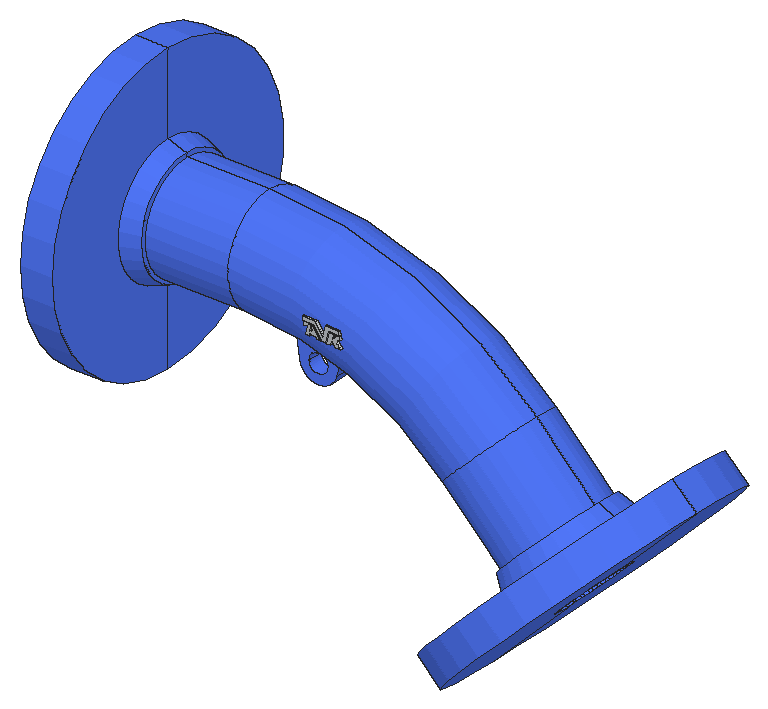
Revit family "712-0040-04-201-DN40", category Pipe Fittings, Revit 2019
Family settings
  Round Connector Dimension = Use Diameter
  Part Type = Elbow
  Work Plane-Based = No
  Always vertical = Yes
  Cut with Voids When Loaded = No
  Shared = No
Parameters (values of type "DN040_PN10/16")
  Rf_Dia = 42 mm
  RF_Thick = 3 mm
  L_Ref = 40 mm
  L = 140 mm
  ID(Radius) = [Nominal Diameter(DN)] / 2  # 20 mm
  Flange_thickness = 17 mm
  Nominal Diameter(DN) = 40 mm
  FOD = 75 mm
  URL product pages = "https://www.avkvalves.com/P.aspx?no=712004043201"
  Description_ = "AVK FLANGED PIPE W/LOOSE FLANGES"
  DN040_PN10/16 = "712-0040-06-201"
  DN040_ PN10/16 = yes
  Body_wallthickness = 15 mm + [Nominal Diameter(DN)]  # 55 mm
Reference planes
  plane 1 "Center (Front/Back)": y = 0
  plane 2: z = 0
  plane 3 "Center (Left/Right)": x = 0
  plane 4: through (229.785, -1524, -108.205) normal (-0.7071, 0, 0.7071)
  plane 5: x = 140
  plane 6: through (166.218, -1524, 26.218) normal (-0.7071, 0, 0.7071)
  plane 7: z = 0
  plane 8: through (140, -1524, 0) normal (0.7071, 0, 0.7071)
  plane 9: x = 140
  plane 10: through (143.661, -1524, 3.661) normal (-0.7071, 0, 0.7071)
  plane 11: z = 0
  plane 12: through (238.995, -1524, -98.995) normal (0.7071, 0, 0.7071)
Forms (mm)
  Sweep 1, solid, material "Plastic", visible <- "DN040_ PN10/16"
    path origin (0, 0, -142.777) x (1, 0, 0) y (0, 0, 1)
      loop
        line (0, 142.777) -> (70, 142.777)
        arc (70, 142.777) -> (134.672, 129.913) -> (189.497, 93.28) r 168.995
        line (189.497, 93.28) -> (238.995, 43.782)
    profile origin (35, 0, 0) x (0, 0, 1) y (0, -1, 0)
      loop
        circle (0, 0) r 27.5
  Revolve 2, solid, material "Plastic", visible <- "DN040_ PN10/16"
    sketch origin (0, 0, -142.777) x (1, 0, 0) y (0, 0, 1)
      loop
        line (0, 142.777) -> (17, 142.777) -> (17, 217.777) -> (0, 217.777) -> (0, 142.777)
      axis (17, 142.777) -> (0, 142.777)
    angle from 0 to 360
  Revolve 3, solid, material "Plastic", visible <- "DN040_ PN10/16"
    sketch origin (0, 0, -142.777) x (1, 0, 0) y (0, 0, 1)
      loop
        line (238.995, 43.782) -> (292.028, 96.815) -> (280.007, 108.836) -> (226.974, 55.803) -> (238.995, 43.782)
      axis (238.995, 43.782) -> (226.974, 55.803)
    angle from 0 to 360
  Revolve 4, solid, material "Plastic", visible <- "DN040_ PN10/16"
    sketch origin (0, 0, -142.777) x (1, 0, 0) y (0, 0, 1)
      loop
        line (17, 175.825) -> (17, 142.777) -> (26.659, 142.777) -> (26.659, 172.201) -> (17, 175.825)
      axis (17, 142.777) -> (26.659, 142.777)
    angle from 0 to 360
  Revolve 5, solid, material "Plastic", visible <- "DN040_ PN10/16"
    sketch origin (0, 0, -142.777) x (1, 0, 0) y (0, 0, 1)
      loop
        line (226.974, 55.803) -> (250.485, 79.314) -> (241.031, 84.002) -> (219.903, 62.874) -> (226.974, 55.803)
      axis (226.974, 55.803) -> (219.903, 62.874)
    angle from 0 to 360
  Extrusion 6, solid, material "Plastic", visible <- "DN040_ PN10/16"
    sketch origin (-2.242, 0, -128.085) x (1, 0, 0) y (0, 0, 1)
      loop
        circle (100.723, 85.986) r 5
      loop
        line (88.313, 103.085) -> (90.817, 84.653)
        arc (90.817, 84.653) -> (99.939, 76.036) -> (110.302, 83.113) r 10.003
        line (110.302, 83.113) -> (116.159, 103.085) -> (88.313, 103.085)
    from -3.865 to 3.865
  Sweep 7, void
    path origin (0, 0, -142.777) x (1, 0, 0) y (0, 0, 1)
      loop
        line (0, 142.777) -> (70, 142.777)
        arc (70, 142.777) -> (134.672, 129.913) -> (189.497, 93.28) r 168.995
        line (189.497, 93.28) -> (238.995, 43.782)
    profile origin (35, 0, 0) x (0, 0, 1) y (0, -1, 0)
      loop
        circle (0, 0) r 20
Cuts and joins
  Sweep 7 cuts Revolve 2
  Sweep 7 cuts Revolve 3
  Sweep 7 cuts Sweep 1
  Sweep 7 cuts Revolve 4
  Sweep 7 cuts Revolve 5
  Sweep 7 cuts Extrusion 6
Dimensions and locks
  "L": plane 5 to plane 3 "Center (Left/Right)"
  "L": plane 6 to plane 4
  "L": plane 9 to plane 3 "Center (Left/Right)"
  "L": plane 10 to plane 4
  plane 7 to level = 0 mm
  "FOD": Revolve 2 sketch curve to plane 11
  "Flange_thickness": Revolve 2 sketch curve to plane 3 "Center (Left/Right)"
  "Flange_thickness": Revolve 3 sketch curve to Revolve 3 sketch curve
  "FOD": Revolve 3 sketch curve to plane 12
  equal spacing: Extrusion 6, plane 1 "Center (Front/Back)", Extrusion 6
  "Body_wallthickness": diameter of Sweep 1 sketch curve
  "Nominal Diameter(DN)": diameter of Sweep 7 sketch curve
  locked: plane 4 to plane 3 "Center (Left/Right)" (angle 45.00°)
  aligned and locked: level to plane 2
  aligned and locked: Revolve 2 sketch curve to plane 11
  aligned and locked: Revolve 2 sketch curve to plane 3 "Center (Left/Right)"
  aligned and locked: plane 11 to Revolve 2 sketch curve
  aligned and locked: Revolve 3 sketch curve to plane 4
  aligned and locked: Revolve 3 sketch curve to plane 12
  aligned and locked: Revolve 3 sketch curve to Revolve 3 sketch curve
  aligned and locked: Revolve 4 sketch curve to cut or joined group of Revolve 2, Sweep 7
  aligned and locked: plane 11 to Revolve 4 sketch curve
  aligned and locked: Revolve 4 sketch curve to Revolve 4 sketch curve
  aligned and locked: Revolve 5 sketch curve to cut or joined group of Revolve 3, Sweep 7
  aligned and locked: Revolve 5 sketch curve to plane 12
  aligned and locked: Revolve 5 sketch curve to Revolve 5 sketch curve
Automatic sketch dimensions
  Revolve 4 sketch curve to Revolve 4 sketch curve = 9.659 mm
  plane 11 to Revolve 4 sketch curve = 29.423 mm
  Revolve 4 sketch curve to Revolve 4 sketch curve = 3.625 mm
  Revolve 4 sketch curve to Revolve 4 sketch curve = 0 mm
  Revolve 4 sketch curve to Revolve 4 sketch curve = 15.341 mm
  Revolve 5 sketch curve to level = 79.903 mm
  Revolve 5 sketch curve to plane 11 = 58.775 mm
  Revolve 5 sketch curve to plane 11 = 63.463 mm
  Revolve 5 sketch curve to level = 86.974 mm
  Revolve 5 sketch curve to level = 71.702 mm
  Extrusion 6 sketch curve to Extrusion 6 sketch curve = 0.005 mm
  Extrusion 6 sketch curve to Extrusion 6 sketch curve = 0.022 mm
  plane 9 to Extrusion 6 sketch curve = 53.929 mm
  Extrusion 6 sketch curve to Extrusion 6 sketch curve = 2.504 mm
  Extrusion 6 sketch curve to Extrusion 6 sketch curve = 9.911 mm
  Extrusion 6 sketch curve to Extrusion 6 sketch curve = 15.436 mm
  Extrusion 6 sketch curve to plane 11 = 43.432 mm
  Extrusion 6 sketch curve to Extrusion 6 sketch curve = 1.333 mm
  Extrusion 6 sketch curve to Extrusion 6 sketch curve = 18.432 mm
  Extrusion 6 sketch curve to Extrusion 6 sketch curve = 9.579 mm
  Sweep 7 sketch curve to plane 3 "Center (Left/Right)" = 0 mm
  Sweep 7 sketch curve to plane 11 = 0 mm
  Sweep 7 sketch curve to plane 12 = 0 mm  (x2)
  plane 4 to Sweep 7 sketch curve = 0 mm
  Sweep 7 sketch curve to level = 168.995 mm
  Sweep 7 sketch curve to plane 9 = 49.497 mm
  Sweep 1 sketch curve to plane 3 "Center (Left/Right)" = 0 mm
  Sweep 1 sketch curve to plane 7 = 0 mm
  Sweep 1 sketch curve to plane 8 = 0 mm  (x2)
  plane 4 to Sweep 1 sketch curve = 0 mm
  Sweep 1 sketch curve to level = 168.995 mm
  Sweep 1 sketch curve to plane 5 = 49.497 mm
  Sweep 1 sketch curve to plane 1 "Center (Front/Back)" = 0 mm
  profile plane to Sweep 1 sketch curve = 0 mm
  Revolve 2 sketch curve to plane 3 "Center (Left/Right)" = 18.345 mm
  Revolve 2 sketch curve to Revolve 2 sketch curve = 14.655 mm
  Revolve 3 sketch curve to level = 76.368 mm
  Revolve 3 sketch curve to level = 90.51 mm
  Sweep 7 sketch curve to plane 1 "Center (Front/Back)" = 0 mm
  profile plane to Sweep 7 sketch curve = 0 mm
  radius of Extrusion 6 sketch curve = 5 mm
Nested families
  nested 1: "Latest 1 - Copy" at (120.316, -26.893, -13.692) x (0.9978, -0.0657, 0) z (-0.0644, -0.9779, -0.1987), type "Latest 1 - Copy"
Connectors
  piping at (0, 0, 0), diameter 40, driven by "Nominal Diameter(DN)"
    settings: on Revolve 2, index 2, connector inside diameter 609.6 mm, connector length 0 mm, flow factor 0, pipe flow 0.0 L/s, pressure drop 0.0 Pa, fitting loss kfactor 0, connector angle 0.00°, fixture units 0, engagement length 0 mm, angle of deflection 0.00°, flow configuration 0, flow direction 0, fitting loss method 0, system type 7, joint type 0, gender type 0, connector reference index -1, connector utility 0, adjustable connector no, is connector primary yes, connector description ""
  piping at (238.995, 0, -98.995), diameter 40, driven by "Nominal Diameter(DN)"
    settings: on Revolve 3, index 3, connector inside diameter 609.6 mm, connector length 0 mm, flow factor 0, pipe flow 0.0 L/s, pressure drop 0.0 Pa, fitting loss kfactor 0, connector angle 0.00°, fixture units 0, engagement length 0 mm, angle of deflection 0.00°, flow configuration 0, flow direction 0, fitting loss method 0, system type 7, joint type 0, gender type 0, connector reference index -1, connector utility 0, adjustable connector no, is connector primary no, connector description ""
Definition of nested family "Latest 1 - Copy"
  Parameters
    Default Elevation = 1219.2 mm
  Reference planes
    plane 1 "Center (Front/Back)": y = 0
    plane 2: z = 0
    plane 3 "Center (Left/Right)": x = 0
  Forms (mm)
    Extrusion 1, solid
      sketch origin (0, 0, 0) x (1, 0, 0) y (0, 1, 0)
        loop
          line (-1219.2, 1219.2) -> (-1219.2, -1219.2) -> (1219.2, -1219.2) -> (1219.2, 1219.2) -> (-1219.2, 1219.2)
      from 0 to -304.8
    Extrusion 2, solid
      sketch origin (0, 0, 0) x (1, 0, 0) y (0, 1, 0)
        loop
          line (-2.683, 9.413) -> (-9.884, 9.413) -> (-9.884, 7.46) -> (-4.022, 7.46) -> (-0.985, 0) -> (0.985, 0) -> (4.022, 7.46) -> (9.884, 7.46) -> (9.884, 9.413) -> (2.683, 9.413) -> (0, 2.824) -> (-2.683, 9.413)
        loop
          line (-4.528, 6.707) -> (-9.884, 6.707) -> (-9.884, 4.824) -> (-8.032, 4.824) -> (-9.884, 0) -> (-7.792, 0) -> (-7.394, 1.035) -> (-4.328, 1.035) -> (-3.907, 0) -> (-1.798, 0) -> (-4.528, 6.707)
        loop
          line (-6.91, 2.824) -> (-5.056, 2.824) -> (-6.01, 5.167) -> (-6.91, 2.824)
        loop
          line (1.798, 0) -> (3.907, 0) -> (4.98, 2.637) -> (6.968, 0) -> (9.413, 0) -> (7.166, 2.983)
          arc (7.166, 2.983) -> (8.216, 3.774) -> (9.007, 4.824) r 4.724
          line (9.007, 4.824) -> (9.884, 4.824) -> (9.884, 6.707) -> (8.001, 6.707)
          arc (8.001, 6.707) -> (7.315, 5.008) -> (5.642, 4.261) r 2.448
          line (5.642, 4.261) -> (6.637, 6.707) -> (4.528, 6.707) -> (1.798, 0)
      from 0 to 1
  Dimensions and locks
    aligned and locked: plane 2 to Extrusion 1
    aligned and locked: level to Extrusion 1
    aligned and locked: Extrusion 2 sketch curve to import instance  (x30)
